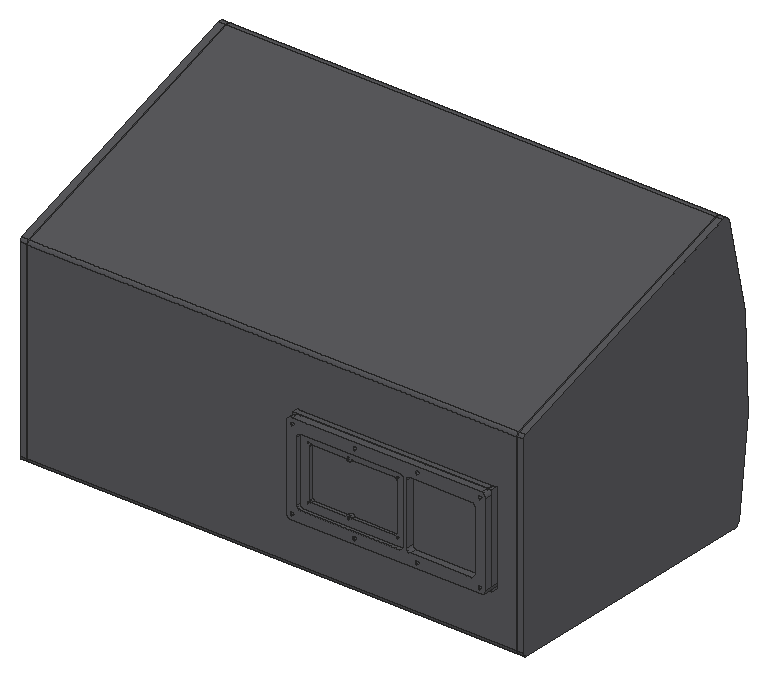
Revit family "EVU-1062", category Communication Devices, Revit 2017
Family settings
  Maintain Annotation Orientation = Yes
  Round Connector Dimension = Use Diameter
  Part Type = Normal
  OmniClass Number = 23.85.10.11.11.21
  OmniClass Title = Speakers
  Work Plane-Based = Yes
  Always vertical = Yes
  Cut with Voids When Loaded = No
  Shared = No
  Room Calculation Point = No
Parameters (values of type "EVU1062/95BLK_Single_6.5_Inch_Two_Way_Black")
  Version = "1"
  Uniclass2015Code = "Pr_60_75_08_02"
  URL = ""
  ProductInformation = "https://www.electrovoice.com/binary/EVU-1062-95.pdf"
  PlanningTools = "http://www.electrovoice.com/product.php?id=1123"
  ModelNumber = "F.01U.216.249"
  Model = ""
  MaterialRALColour = "RAL9004"
  ManufacturerURL = "https://www.electrovoice.com"
  Manufacturer = "Electro Voice"
  LoudspeakerMaterial = 13-plyWeather-resistantBirchEVCoat -RAL9004
  Default Elevation = 145.14 mm
  CTN = "EVU1062/95BLK"
  BackHeight = 145.14 mm  # constant formula
  FrontHeight = 208.40 mm  # constant formula
  InstallationManual = "https://www.electrovoice.com/binary/EVU-1062-95.pdf"
  IfcExportType = "IfcBuildingElementProxyType"
  IfcExportAs = "IfcBuildingElementProxy"
  Length = 369.72 mm  # constant formula
  GrillMaterial = 16GA Powder-coatedGalvanneal - B
  Disclaimer = "http://resource.boschsecurity.com/information/BIM/Disclaimer_Electrovoice.pdf"
  Description = "1.3\" (33mm) diaphgram, 1.4\" (36mm) exit pure titanium compression driver. 6.5\" (165mm) LF transducer. Advanced third-order crossover network with HF protection. Coverage pattern: 90° x 50° Constant Directivity rotatable waveguide. 92 dB sensitivity, 120 dB maximum SPL. System raiting: 160 W continuous, 640 W peak. Universal U-bracket included."
  Depth = 206.70 mm  # constant formula
  ArchitectsAndEngineersSpecs = "https://www.electrovoice.com/binary/EVU-1062-95.pdf"
Reference planes
  plane 1 "Center (Front/Back)": y = 0
  plane 2: z = 0
  plane 3 "Center (Left/Right)": x = 0
Forms (mm)
  Extrusion 1, solid, material "13-plyWeather-resistantBirchEVCoat -RAL9004" <- "LoudspeakerMaterial"
    sketch origin (179.86, -0.922, -0.524) x (0, 1, 0) y (0, 0, 1)
      loop
        arc (2.635, 73.479) -> (1.394, 72.553) -> (0.922, 71.078) r 2.54
        line (0.922, 71.078) -> (0.922, -70.03)
        arc (0.922, -70.03) -> (1.666, -71.826) -> (3.462, -72.57) r 2.54
        line (3.462, -72.57) -> (193.586, -72.57)
        arc (193.586, -72.57) -> (196.2, -71.654) -> (197.672, -69.307) r 4.19
        arc (197.672, -69.307) -> (206.725, 32.444) -> (188.418, 132.943) r 381
        arc (188.418, 132.943) -> (186.302, 135.396) -> (183.069, 135.608) r 4.19
        line (183.069, 135.608) -> (2.635, 73.479)
    from 0 to 5
  Extrusion 2, solid, material "13-plyWeather-resistantBirchEVCoat -RAL9004" <- "LoudspeakerMaterial"
    sketch origin (-179.86, 0, -0.524) x (0, 1, 0) y (0, 0, 1)
      loop
        line (190.935, -66.22) -> (6.35, -66.22) -> (6.35, 68.36) -> (182.131, 128.886) -> (187.496, 132.943)
        arc (187.496, 132.943) -> (185.38, 135.396) -> (182.147, 135.608) r 4.19
        line (182.147, 135.608) -> (1.713, 73.479)
        arc (1.713, 73.479) -> (0.472, 72.553) -> (0, 71.078) r 2.54
        line (0, 71.078) -> (0, -70.03)
        arc (0, -70.03) -> (0.744, -71.826) -> (2.54, -72.57) r 2.54
        line (2.54, -72.57) -> (192.664, -72.57)
        arc (192.664, -72.57) -> (195.278, -71.654) -> (196.75, -69.307) r 4.19
        line (196.75, -69.307) -> (190.935, -66.22)
    from 0 to 359.72
  Extrusion 3, solid, material "16GA Powder-coatedGalvanneal - B" <- "GrillMaterial"
    sketch origin (-179.58, 0, -0.524) x (0, 1, 0) y (0, 0, 1)
      loop
        arc (193.866, -67.776) -> (202.732, 32.222) -> (184.962, 131.027) r 378
        line (184.962, 131.027) -> (183.694, 130.068)
        arc (183.694, 130.068) -> (201.236, 32.097) -> (192.493, -67.047) r 376.5
        line (192.493, -67.047) -> (193.866, -67.776)
    from -0.28 to 359.44
  Extrusion 4, solid, material "13-plyWeather-resistantBirchEVCoat -RAL9004" <- "LoudspeakerMaterial"
    sketch origin (-179.86, 0, -0.524) x (0, -1, 0) y (0, 0, 1)
      loop
        line (0, -70.029) -> (0, 71.078)
        arc (0, 71.078) -> (-0.472, 72.553) -> (-1.713, 73.479) r 2.54
        line (-1.713, 73.479) -> (-182.147, 135.608)
        arc (-182.147, 135.608) -> (-185.382, 135.396) -> (-187.497, 132.94) r 4.19
        arc (-187.497, 132.94) -> (-205.699, 33.006) -> (-196.849, -68.185) r 381
        arc (-196.849, -68.185) -> (-195.694, -71.273) -> (-192.664, -72.569) r 4.19
        line (-192.664, -72.569) -> (-2.54, -72.569)
        arc (-2.54, -72.569) -> (-0.744, -71.825) -> (0, -70.029) r 2.54
    from 0 to 5
Lines and regions (mm)
  model lines, not visible
    curve 1: circle (-185, 35.169, -45.832) r 3 normal (1, 0, 0)
    curve 2: circle (-185, 35.169, -45.832) r 2.25 normal (1, 0, 0)
    curve 3: line (-185, 34.284, -43.764) -> (-185, 34.284, -47.901)
    curve 4: line (-185, 36.054, -43.764) -> (-185, 36.054, -47.901)
    curve 5: circle (-185, 35.169, 4.168) r 3 normal (1, 0, 0)
    curve 6: circle (-185, 35.169, 4.168) r 2.25 normal (1, 0, 0)
    curve 7: line (-185, 34.284, 6.236) -> (-185, 34.284, 2.099)
    curve 8: line (-185, 36.054, 6.236) -> (-185, 36.054, 2.099)
    curve 9: circle (-185, 35.169, 54.168) r 3 normal (1, 0, 0)
    curve 10: circle (-185, 35.169, 54.168) r 2.25 normal (1, 0, 0)
    curve 11: line (-185, 34.284, 56.236) -> (-185, 34.284, 52.099)
    curve 12: line (-185, 36.054, 56.236) -> (-185, 36.054, 52.099)
    curve 13: circle (-185, 155.169, -45.832) r 3 normal (1, 0, 0)
    curve 14: circle (-185, 155.169, -45.832) r 2.25 normal (1, 0, 0)
    curve 15: line (-185, 154.284, -43.764) -> (-185, 154.284, -47.901)
    curve 16: line (-185, 156.054, -43.764) -> (-185, 156.054, -47.901)
    curve 17: circle (-185, 155.169, 24.168) r 3 normal (1, 0, 0)
    curve 18: circle (-185, 155.169, 24.168) r 2.25 normal (1, 0, 0)
    curve 19: line (-185, 154.284, 26.236) -> (-185, 154.284, 22.099)
    curve 20: line (-185, 156.054, 26.236) -> (-185, 156.054, 22.099)
    curve 21: circle (-185, 155.169, 94.168) r 3 normal (1, 0, 0)
    curve 22: circle (-185, 155.169, 94.168) r 2.25 normal (1, 0, 0)
    curve 23: line (-185, 154.284, 96.236) -> (-185, 154.284, 92.099)
    curve 24: line (-185, 156.054, 96.236) -> (-185, 156.054, 92.099)
  reference lines
    curve 25: line (171.38, 206.7, 0) -> (171.63, 206.7, 0)
    curve 26: line (7.14, 205.803, 31.162) -> (7.14, 205.803, 31.662)
    curve 27: line (7.14, 183.398, 135.307) -> (7.14, 183.698, 135.307)
    curve 28: line (7.14, 0.658, 72.047) -> (7.14, 0.358, 72.047)
  model lines
    curve 29: circle (184.86, 35.169, -46.356) r 3 normal (1, 0, 0)
    curve 30: circle (184.86, 35.169, -46.356) r 2.25 normal (1, 0, 0)
    curve 31: line (184.86, 34.284, -44.288) -> (184.86, 34.284, -48.425)
    curve 32: line (184.86, 36.054, -44.288) -> (184.86, 36.054, -48.425)
    curve 33: circle (184.86, 35.169, 3.644) r 3 normal (1, 0, 0)
    curve 34: circle (184.86, 35.169, 3.644) r 2.25 normal (1, 0, 0)
    curve 35: line (184.86, 34.284, 5.712) -> (184.86, 34.284, 1.575)
    curve 36: line (184.86, 36.054, 5.712) -> (184.86, 36.054, 1.575)
    curve 37: circle (184.86, 35.169, 53.644) r 3 normal (1, 0, 0)
    curve 38: circle (184.86, 35.169, 53.644) r 2.25 normal (1, 0, 0)
    curve 39: line (184.86, 34.284, 55.712) -> (184.86, 34.284, 51.575)
    curve 40: line (184.86, 36.054, 55.712) -> (184.86, 36.054, 51.575)
    curve 41: circle (184.86, 155.169, -46.356) r 3 normal (1, 0, 0)
    curve 42: circle (184.86, 155.169, -46.356) r 2.25 normal (1, 0, 0)
    curve 43: line (184.86, 154.284, -44.288) -> (184.86, 154.284, -48.425)
    curve 44: line (184.86, 156.054, -44.288) -> (184.86, 156.054, -48.425)
    curve 45: circle (184.86, 155.169, 23.644) r 3 normal (1, 0, 0)
    curve 46: circle (184.86, 155.169, 23.644) r 2.25 normal (1, 0, 0)
    curve 47: line (184.86, 154.284, 25.712) -> (184.86, 154.284, 21.575)
    curve 48: line (184.86, 156.054, 25.712) -> (184.86, 156.054, 21.575)
    curve 49: circle (184.86, 155.169, 93.644) r 3 normal (1, 0, 0)
    curve 50: circle (184.86, 155.169, 93.644) r 2.25 normal (1, 0, 0)
    curve 51: line (184.86, 154.284, 95.712) -> (184.86, 154.284, 91.575)
    curve 52: line (184.86, 156.054, 95.712) -> (184.86, 156.054, 91.575)
    curve 53: circle (-184.86, 35.169, -46.356) r 3 normal (1, 0, 0)
    curve 54: circle (-184.86, 35.169, -46.356) r 2.25 normal (1, 0, 0)
    curve 55: line (-184.86, 34.284, -44.288) -> (-184.86, 34.284, -48.425)
    curve 56: line (-184.86, 36.054, -44.288) -> (-184.86, 36.054, -48.425)
    curve 57: circle (-184.86, 35.169, 3.644) r 3 normal (1, 0, 0)
    curve 58: circle (-184.86, 35.169, 3.644) r 2.25 normal (1, 0, 0)
    curve 59: line (-184.86, 34.284, 5.712) -> (-184.86, 34.284, 1.575)
    curve 60: line (-184.86, 36.054, 5.712) -> (-184.86, 36.054, 1.575)
    curve 61: circle (-184.86, 35.169, 53.644) r 3 normal (1, 0, 0)
    curve 62: circle (-184.86, 35.169, 53.644) r 2.25 normal (1, 0, 0)
    curve 63: line (-184.86, 34.284, 55.712) -> (-184.86, 34.284, 51.575)
    curve 64: line (-184.86, 36.054, 55.712) -> (-184.86, 36.054, 51.575)
    curve 65: circle (-184.86, 155.169, -46.356) r 3 normal (1, 0, 0)
    curve 66: circle (-184.86, 155.169, -46.356) r 2.25 normal (1, 0, 0)
    curve 67: line (-184.86, 154.284, -44.288) -> (-184.86, 154.284, -48.425)
    curve 68: line (-184.86, 156.054, -44.288) -> (-184.86, 156.054, -48.425)
    curve 69: circle (-184.86, 155.169, 23.644) r 3 normal (1, 0, 0)
    curve 70: circle (-184.86, 155.169, 23.644) r 2.25 normal (1, 0, 0)
    curve 71: line (-184.86, 154.284, 25.712) -> (-184.86, 154.284, 21.575)
    curve 72: line (-184.86, 156.054, 25.712) -> (-184.86, 156.054, 21.575)
    curve 73: circle (-184.86, 155.169, 93.644) r 3 normal (1, 0, 0)
    curve 74: circle (-184.86, 155.169, 93.644) r 2.25 normal (1, 0, 0)
    curve 75: line (-184.86, 154.284, 95.712) -> (-184.86, 154.284, 91.575)
    curve 76: line (-184.86, 156.054, 95.712) -> (-184.86, 156.054, 91.575)
Dimensions and locks
  "Depth": plane 1 "Center (Front/Back)" to curve 25
  "Length": Extrusion 4 to Extrusion 1
  "BackHeight": Extrusion 4 to curve 28
  "FrontHeight": Extrusion 4 to curve 27
  aligned and locked: plane 2 to level
Automatic sketch dimensions
  plane 3 "Center (Left/Right)" to curve 25 = 171.38 mm
  curve 25 to curve 25 = 0.25 mm
  Extrusion 1 sketch curve to plane 1 "Center (Front/Back)" = 0.00 mm
  level to Extrusion 1 sketch curve = 14.505 mm
  plane 1 "Center (Front/Back)" to Extrusion 1 sketch curve = 174.799 mm
  Extrusion 1 sketch curve to plane 1 "Center (Front/Back)" = 1.713 mm
  Extrusion 1 sketch curve to plane 1 "Center (Front/Back)" = 2.54 mm
  Extrusion 1 sketch curve to Extrusion 1 sketch curve = 2.54 mm
  Extrusion 1 sketch curve to plane 1 "Center (Front/Back)" = 182.147 mm
  Extrusion 1 sketch curve to Extrusion 1 sketch curve = 1.364 mm
  Extrusion 1 sketch curve to level = 73.094 mm
  Extrusion 1 sketch curve to Extrusion 1 sketch curve = 190.124 mm
  Extrusion 1 sketch curve to Extrusion 1 sketch curve = 4.19 mm
  level to Extrusion 1 sketch curve = 70.554 mm
  level to Extrusion 1 sketch curve = 131.122 mm
  Extrusion 1 sketch curve to Extrusion 1 sketch curve = 3.962 mm
  Extrusion 1 sketch curve to Extrusion 1 sketch curve = 0.00 mm
  Extrusion 2 sketch curve to plane 1 "Center (Front/Back)" = 0.00 mm
  Extrusion 2 sketch curve to plane 1 "Center (Front/Back)" = 1.713 mm
  Extrusion 2 sketch curve to plane 1 "Center (Front/Back)" = 2.54 mm
  Extrusion 2 sketch curve to Extrusion 2 sketch curve = 0.827 mm
  Extrusion 2 sketch curve to Extrusion 2 sketch curve = 3.81 mm  (x2)
  Extrusion 2 sketch curve to plane 1 "Center (Front/Back)" = 182.131 mm
  Extrusion 2 sketch curve to Extrusion 2 sketch curve = 0.016 mm
  Extrusion 2 sketch curve to Extrusion 2 sketch curve = 1.38 mm
  Extrusion 2 sketch curve to Extrusion 2 sketch curve = 3.984 mm
  Extrusion 2 sketch curve to level = 66.744 mm
  Extrusion 2 sketch curve to Extrusion 2 sketch curve = 184.585 mm
  Extrusion 2 sketch curve to Extrusion 2 sketch curve = 1.729 mm
  Extrusion 2 sketch curve to level = 69.831 mm
  Extrusion 2 sketch curve to Extrusion 2 sketch curve = 4.086 mm
  level to Extrusion 2 sketch curve = 67.836 mm
  Extrusion 2 sketch curve to Extrusion 2 sketch curve = 2.718 mm
  level to Extrusion 2 sketch curve = 128.363 mm
  Extrusion 2 sketch curve to Extrusion 2 sketch curve = 2.76 mm
  Extrusion 2 sketch curve to Extrusion 2 sketch curve = 1.297 mm
  Extrusion 3 sketch curve to Extrusion 3 sketch curve = 0.00 mm  (x2)
  level to Extrusion 3 sketch curve = 14.785 mm
  plane 1 "Center (Front/Back)" to Extrusion 3 sketch curve = 174.89 mm
  Extrusion 3 sketch curve to plane 1 "Center (Front/Back)" = 183.694 mm
  Extrusion 3 sketch curve to Extrusion 3 sketch curve = 1.268 mm
  Extrusion 3 sketch curve to level = 67.571 mm
  Extrusion 3 sketch curve to plane 1 "Center (Front/Back)" = 192.493 mm
  Extrusion 3 sketch curve to level = 68.30 mm
  Extrusion 3 sketch curve to Extrusion 3 sketch curve = 1.374 mm
  Extrusion 4 sketch curve to plane 1 "Center (Front/Back)" = 0.00 mm
  Extrusion 4 sketch curve to plane 1 "Center (Front/Back)" = 1.713 mm
  Extrusion 4 sketch curve to Extrusion 4 sketch curve = 2.54 mm
  Extrusion 4 sketch curve to plane 1 "Center (Front/Back)" = 2.54 mm
  Extrusion 4 sketch curve to plane 1 "Center (Front/Back)" = 182.147 mm
  Extrusion 4 sketch curve to Extrusion 4 sketch curve = 1.364 mm
  Extrusion 4 sketch curve to level = 68.903 mm
  Extrusion 4 sketch curve to Extrusion 4 sketch curve = 190.124 mm
  level to Extrusion 4 sketch curve = 14.785 mm
  plane 1 "Center (Front/Back)" to Extrusion 4 sketch curve = 174.89 mm
  Extrusion 4 sketch curve to level = 70.553 mm
  level to Extrusion 4 sketch curve = 70.554 mm
  level to Extrusion 4 sketch curve = 131.122 mm
  Extrusion 4 sketch curve to Extrusion 4 sketch curve = 3.962 mm
  Extrusion 4 sketch curve to Extrusion 4 sketch curve = 0.00 mm
  curve 28 to plane 1 "Center (Front/Back)" = 0.358 mm
  level to curve 26 = 31.162 mm
  curve 28 to curve 28 = 0.30 mm
  curve 27 to plane 1 "Center (Front/Back)" = 183.398 mm
  curve 27 to curve 27 = 0.30 mm
  level to curve 26 = 31.662 mm
  curve 27 to curve 26 = 22.105 mm
  level to curve 28 = 72.047 mm
  curve 26 to curve 27 = 103.645 mm
Nested families
  nested 1: "InputPanel_small" at (91.86, 0, -35), LoudspeakerMaterial <- "LoudspeakerMaterial", type "InputPanel_small"
    with LoudspeakerMaterial 13-plyWeather-resistantBirchEVCoat -RAL9004
  nested 2: "EV-L.dwg" at (144.292, 203.478, 25.339), type "EV-L.dwg"
Connectors
  electrical at (64.644, -5, -1.409)
    settings: on nested 1, index 1, voltage 0 V, apparent load 0 VA, apparent load phase1 0 VA, apparent load phase2 0 VA, apparent load phase3 0 VA, power factor 1, load classification "Other", number of poles 1, system type 31, power factor state 1, is connector primary yes, connector utility no, sub classification motor no, connector description ""
Definition of nested family "InputPanel_small"
  Parameters (values of type "InputPanel_small")
    Material = ""
    LoudspeakerMaterial [instance] = none
    Default Elevation = 1219.20 mm
  Reference planes
    plane 1 "Center (Front/Back)": y = 0
    plane 2: z = 0
    plane 3 "Center (Left/Right)": x = 0
  Forms (mm)
    Extrusion 1, solid, material <- "LoudspeakerMaterial", not visible
      sketch origin (-97.521, -0.5, 198.121) x (-1, 0, 0) y (0, 0, -1)
        loop
          arc (-169.642, 198.043) -> (-170.257, 197.789) -> (-170.511, 197.174) r 0.869
          line (-170.511, 197.174) -> (-170.511, 131.84)
          arc (-170.511, 131.84) -> (-170.257, 131.226) -> (-169.642, 130.971) r 0.869
          line (-169.642, 130.971) -> (-25.396, 130.971)
          arc (-25.396, 130.971) -> (-24.782, 131.226) -> (-24.527, 131.84) r 0.869
          line (-24.527, 131.84) -> (-24.527, 197.174)
          arc (-24.527, 197.174) -> (-24.782, 197.789) -> (-25.396, 198.043) r 0.869
          line (-25.396, 198.043) -> (-169.642, 198.043)
      from 0 to -0.5
    Extrusion 2, solid, material <- "LoudspeakerMaterial", detail levels medium+fine
      sketch origin (1.214, 0, 125.108) x (-1, 0, 0) y (0, 0, -1)
        loop
          line (70.917, 125.031) -> (-68.488, 125.031)
          arc (-68.488, 125.031) -> (-70.813, 124.068) -> (-71.776, 121.743) r 3.288
          line (-71.776, 121.743) -> (-71.776, 61.229)
          arc (-71.776, 61.229) -> (-70.921, 59.026) -> (-68.815, 57.959) r 3.288
          line (-68.815, 57.959) -> (70.925, 57.959)
          arc (70.925, 57.959) -> (73.25, 58.922) -> (74.212, 61.247) r 3.288
          line (74.212, 61.247) -> (74.205, 121.743)
          arc (74.205, 121.743) -> (73.242, 124.068) -> (70.917, 125.031) r 3.288
        loop
          line (-16.102, 116.673) -> (-61.46, 116.673)
          arc (-61.46, 116.673) -> (-63.304, 115.909) -> (-64.067, 114.066) r 2.607
          line (-64.067, 114.066) -> (-64.067, 69.267)
          arc (-64.067, 69.267) -> (-63.304, 67.424) -> (-61.46, 66.66) r 2.607
          line (-61.46, 66.66) -> (-16.102, 66.658)
          arc (-16.102, 66.658) -> (-14.259, 67.424) -> (-13.495, 69.267) r 2.607
          line (-13.495, 69.267) -> (-13.495, 114.066)
          arc (-13.495, 114.066) -> (-14.259, 115.909) -> (-16.102, 116.673) r 2.607
        loop
          line (64.151, 116.673) -> (-8.801, 116.673)
          arc (-8.801, 116.673) -> (-10.645, 115.909) -> (-11.408, 114.066) r 2.607
          line (-11.408, 114.066) -> (-11.408, 69.267)
          arc (-11.408, 69.267) -> (-10.645, 67.424) -> (-8.801, 66.66) r 2.607
          line (-8.801, 66.66) -> (64.151, 66.658)
          arc (64.151, 66.658) -> (65.994, 67.424) -> (66.758, 69.267) r 2.607
          line (66.758, 69.267) -> (66.758, 114.066)
          arc (66.758, 114.066) -> (65.994, 115.909) -> (64.151, 116.673) r 2.607
        loop
          circle (-67.83, 121.068) r 1.368
        loop
          circle (-21.853, 121.068) r 1.368
        loop
          circle (24.255, 121.068) r 1.368
        loop
          circle (69.993, 121.068) r 1.368
        loop
          circle (-67.961, 61.771) r 1.368
        loop
          circle (-21.984, 61.771) r 1.368
        loop
          circle (24.124, 61.771) r 1.368
        loop
          circle (69.862, 61.771) r 1.368
      from 0 to 10
    Extrusion 3, solid, material <- "LoudspeakerMaterial", detail levels fine
      sketch origin (25.655, 0, 118.331) x (-1, 0, 0) y (0, 0, -1)
        loop
          arc (15.45, 109.952) -> (13.605, 109.187) -> (12.84, 107.342) r 2.61
          line (12.84, 107.342) -> (12.84, 62.493)
          arc (12.84, 62.493) -> (13.606, 60.646) -> (15.45, 59.881) r 2.61
          line (15.45, 59.881) -> (88.485, 59.883)
          arc (88.485, 59.883) -> (90.33, 60.647) -> (91.094, 62.493) r 2.61
          line (91.094, 62.493) -> (91.094, 107.342)
          arc (91.094, 107.342) -> (90.33, 109.187) -> (88.485, 109.952) r 2.61
          line (88.485, 109.952) -> (15.45, 109.952)
        loop
          line (53.049, 104.094) -> (20.673, 104.09)
          arc (20.673, 104.09) -> (20.25, 103.216) -> (19.475, 102.633) r 2.061
          line (19.475, 102.633) -> (19.479, 66.839)
          arc (19.479, 66.839) -> (20.255, 66.255) -> (20.677, 65.382) r 2.061
          line (20.677, 65.382) -> (53.053, 65.386)
          arc (53.053, 65.386) -> (55.067, 67.012) -> (57.082, 65.386) r 2.061
          line (57.082, 65.386) -> (82.875, 65.389)
          arc (82.875, 65.389) -> (83.297, 66.263) -> (84.073, 66.847) r 2.061
          line (84.073, 66.847) -> (84.068, 102.641)
          arc (84.068, 102.641) -> (83.293, 103.224) -> (82.87, 104.098) r 2.061
          line (82.87, 104.098) -> (57.077, 104.095)
          arc (57.077, 104.095) -> (55.063, 102.469) -> (53.049, 104.094) r 2.061
        loop
          circle (55.063, 104.529) r 0.832
        loop
          circle (55.063, 64.893) r 0.832
        loop
          circle (84.767, 104.529) r 0.832
        loop
          circle (84.767, 64.893) r 0.832
        loop
          circle (18.835, 104.529) r 0.832
        loop
          circle (18.835, 64.893) r 0.832
      from 7.5 to 5
    Extrusion 4, solid, material <- "LoudspeakerMaterial"
      sketch origin (1.214, 0, 125.108) x (-1, 0, 0) y (0, 0, -1)
        loop
          line (-71.776, 125.031) -> (-71.776, 57.959) -> (74.213, 57.959) -> (74.205, 125.031) -> (-71.776, 125.031)
      from 0 to 4.337
  Lines and regions (mm)
    model lines, not visible
      curve 1: arc (59.415, -9.5, 70.232) -> (59.756, -9.5, 68.636) -> (60.858, -9.5, 67.432) r 3.109
      curve 2: arc (59.414, -9.5, 82.845) -> (59.754, -9.5, 81.249) -> (60.857, -9.5, 80.045) r 3.109
      curve 3: arc (59.417, -9.5, 63.926) -> (59.752, -9.5, 62.34) -> (60.84, -9.5, 61.139) r 3.108
      curve 4: arc (59.415, -9.5, 76.539) -> (59.75, -9.5, 74.953) -> (60.838, -9.5, 73.752) r 3.108
      curve 5: arc (60.711, -9.5, 72.945) -> (59.72, -9.5, 71.753) -> (59.414, -9.5, 70.232) r 3.166
      curve 6: arc (60.71, -9.5, 85.557) -> (59.718, -9.5, 84.365) -> (59.412, -9.5, 82.845) r 3.166
      curve 7: arc (60.712, -9.5, 66.637) -> (59.721, -9.5, 65.445) -> (59.415, -9.5, 63.926) r 3.165
      curve 8: arc (60.71, -9.5, 79.25) -> (59.72, -9.5, 78.058) -> (59.414, -9.5, 76.539) r 3.165
      curve 9: arc (59.062, -9.5, 76.539) -> (58.721, -9.5, 78.135) -> (57.618, -9.5, 79.339) r 3.109
      curve 10: arc (59.063, -9.5, 63.926) -> (58.723, -9.5, 65.522) -> (57.62, -9.5, 66.726) r 3.109
      curve 11: arc (59.06, -9.5, 82.845) -> (58.725, -9.5, 84.431) -> (57.637, -9.5, 85.632) r 3.108
      curve 12: arc (59.062, -9.5, 70.232) -> (58.726, -9.5, 71.818) -> (57.638, -9.5, 73.019) r 3.108
      curve 13: arc (57.765, -9.5, 73.826) -> (58.757, -9.5, 75.018) -> (59.063, -9.5, 76.539) r 3.166
      curve 14: arc (57.767, -9.5, 61.214) -> (58.758, -9.5, 62.406) -> (59.065, -9.5, 63.926) r 3.166
      curve 15: arc (57.765, -9.5, 80.134) -> (58.756, -9.5, 81.326) -> (59.062, -9.5, 82.845) r 3.165
      curve 16: arc (57.767, -9.5, 67.521) -> (58.757, -9.5, 68.713) -> (59.063, -9.5, 70.232) r 3.165
      curve 17: arc (62.678, -9.5, 67.687) -> (63.752, -9.5, 68.757) -> (64.103, -9.5, 70.233) r 2.775
      curve 18: arc (63.369, -9.5, 67.367) -> (64.444, -9.5, 68.62) -> (64.794, -9.5, 70.233) r 3.371
      curve 19: arc (62.678, -9.5, 67.687) -> (62.999, -9.5, 67.474) -> (63.369, -9.5, 67.367) r 1.273
      curve 20: arc (62.676, -9.5, 80.299) -> (63.75, -9.5, 81.37) -> (64.101, -9.5, 82.846) r 2.775
      curve 21: arc (63.368, -9.5, 79.98) -> (64.442, -9.5, 81.233) -> (64.793, -9.5, 82.846) r 3.371
      curve 22: arc (62.676, -9.5, 80.299) -> (62.998, -9.5, 80.087) -> (63.368, -9.5, 79.98) r 1.273
      curve 23: arc (62.679, -9.5, 61.381) -> (63.752, -9.5, 62.452) -> (64.103, -9.5, 63.927) r 2.774
      curve 24: arc (63.37, -9.5, 61.062) -> (64.444, -9.5, 62.315) -> (64.794, -9.5, 63.927) r 3.37
      curve 25: arc (62.679, -9.5, 61.381) -> (63, -9.5, 61.169) -> (63.37, -9.5, 61.062) r 1.273
      curve 26: arc (62.677, -9.5, 73.994) -> (63.751, -9.5, 75.064) -> (64.101, -9.5, 76.539) r 2.774
      curve 27: arc (63.369, -9.5, 73.675) -> (64.442, -9.5, 74.927) -> (64.793, -9.5, 76.539) r 3.37
      curve 28: arc (62.677, -9.5, 73.994) -> (62.998, -9.5, 73.781) -> (63.369, -9.5, 73.675) r 1.273
      curve 29: arc (64.103, -9.5, 70.233) -> (63.752, -9.5, 71.708) -> (62.677, -9.5, 72.779) r 2.775
      curve 30: arc (63.369, -9.5, 73.098) -> (62.999, -9.5, 72.992) -> (62.677, -9.5, 72.779) r 1.273
      curve 31: arc (64.794, -9.5, 70.233) -> (64.443, -9.5, 71.846) -> (63.369, -9.5, 73.098) r 3.371
      curve 32: arc (64.101, -9.5, 82.846) -> (63.75, -9.5, 84.321) -> (62.676, -9.5, 85.392) r 2.775
      curve 33: arc (63.367, -9.5, 85.711) -> (62.997, -9.5, 85.604) -> (62.676, -9.5, 85.392) r 1.273
      curve 34: arc (64.793, -9.5, 82.846) -> (64.442, -9.5, 84.458) -> (63.367, -9.5, 85.711) r 3.371
      curve 35: arc (64.103, -9.5, 63.927) -> (63.752, -9.5, 65.401) -> (62.678, -9.5, 66.472) r 2.774
      curve 36: arc (63.37, -9.5, 66.791) -> (62.999, -9.5, 66.684) -> (62.678, -9.5, 66.472) r 1.273
      curve 37: arc (64.794, -9.5, 63.927) -> (64.444, -9.5, 65.539) -> (63.37, -9.5, 66.791) r 3.37
      curve 38: arc (64.101, -9.5, 76.539) -> (63.75, -9.5, 78.014) -> (62.676, -9.5, 79.084) r 2.774
      curve 39: arc (63.368, -9.5, 79.404) -> (62.998, -9.5, 79.297) -> (62.676, -9.5, 79.084) r 1.273
      curve 40: arc (64.793, -9.5, 76.539) -> (64.442, -9.5, 78.151) -> (63.368, -9.5, 79.404) r 3.37
      curve 41: arc (59.627, -9.5, 63.926) -> (59.978, -9.5, 62.451) -> (61.052, -9.5, 61.381) r 2.774
      curve 42: arc (61.051, -9.5, 66.471) -> (59.977, -9.5, 65.401) -> (59.627, -9.5, 63.926) r 2.774
      curve 43: arc (59.625, -9.5, 70.232) -> (59.976, -9.5, 68.757) -> (61.051, -9.5, 67.686) r 2.775
      curve 44: arc (61.05, -9.5, 72.779) -> (59.976, -9.5, 71.708) -> (59.625, -9.5, 70.232) r 2.775
      curve 45: arc (59.625, -9.5, 76.539) -> (59.976, -9.5, 75.064) -> (61.05, -9.5, 73.994) r 2.774
      curve 46: arc (61.049, -9.5, 79.084) -> (59.976, -9.5, 78.014) -> (59.625, -9.5, 76.539) r 2.774
      curve 47: arc (59.624, -9.5, 82.845) -> (59.975, -9.5, 81.37) -> (61.049, -9.5, 80.299) r 2.775
      curve 48: arc (61.049, -9.5, 85.391) -> (59.975, -9.5, 84.321) -> (59.624, -9.5, 82.845) r 2.775
      curve 49: arc (65.487, -9.5, 67.368) -> (66.537, -9.5, 68.57) -> (66.91, -9.5, 70.123) r 3.348
      curve 50: arc (65.485, -9.5, 79.98) -> (66.535, -9.5, 81.183) -> (66.909, -9.5, 82.735) r 3.348
      curve 51: arc (66.91, -9.5, 70.344) -> (66.536, -9.5, 71.896) -> (65.486, -9.5, 73.099) r 3.348
      curve 52: arc (66.909, -9.5, 82.956) -> (66.535, -9.5, 84.509) -> (65.485, -9.5, 85.711) r 3.348
      curve 53: arc (65.488, -9.5, 61.062) -> (66.543, -9.5, 62.278) -> (66.911, -9.5, 63.846) r 3.353
      curve 54: arc (65.486, -9.5, 73.675) -> (66.542, -9.5, 74.891) -> (66.909, -9.5, 76.458) r 3.353
      curve 55: arc (66.911, -9.5, 64.008) -> (66.543, -9.5, 65.576) -> (65.487, -9.5, 66.791) r 3.353
      curve 56: arc (66.909, -9.5, 76.621) -> (66.542, -9.5, 78.189) -> (65.485, -9.5, 79.404) r 3.353
      curve 57: arc (61.368, -9.5, 70.233) -> (61.701, -9.5, 68.86) -> (62.728, -9.5, 67.892) r 2.482
      curve 58: arc (61.369, -9.5, 63.926) -> (61.702, -9.5, 62.554) -> (62.729, -9.5, 61.585) r 2.482
      curve 59: arc (61.777, -9.5, 65.419) -> (61.47, -9.5, 64.701) -> (61.369, -9.5, 63.926) r 2.857
      curve 60: arc (62.453, -9.5, 65.577) -> (62.398, -9.5, 65.499) -> (62.347, -9.5, 65.419) r 2.446
      curve 61: arc (61.777, -9.5, 71.725) -> (61.469, -9.5, 71.007) -> (61.368, -9.5, 70.233) r 2.857
      curve 62: arc (62.452, -9.5, 71.883) -> (62.398, -9.5, 71.805) -> (62.346, -9.5, 71.725) r 2.446
      curve 63: arc (61.367, -9.5, 76.539) -> (61.7, -9.5, 75.167) -> (62.727, -9.5, 74.198) r 2.482
      curve 64: arc (61.367, -9.5, 82.845) -> (61.699, -9.5, 81.473) -> (62.727, -9.5, 80.504) r 2.482
      curve 65: arc (61.776, -9.5, 78.031) -> (61.469, -9.5, 77.313) -> (61.367, -9.5, 76.539) r 2.857
      curve 66: arc (62.452, -9.5, 78.19) -> (62.397, -9.5, 78.112) -> (62.345, -9.5, 78.032) r 2.446
      curve 67: arc (61.775, -9.5, 84.338) -> (61.468, -9.5, 83.62) -> (61.367, -9.5, 82.845) r 2.857
      curve 68: arc (62.451, -9.5, 84.496) -> (62.396, -9.5, 84.418) -> (62.345, -9.5, 84.338) r 2.446
      curve 69: arc (55.799, -9.5, 79.084) -> (54.725, -9.5, 78.014) -> (54.374, -9.5, 76.538) r 2.775
      curve 70: arc (55.107, -9.5, 79.404) -> (54.033, -9.5, 78.151) -> (53.682, -9.5, 76.538) r 3.371
      curve 71: arc (55.799, -9.5, 79.084) -> (55.478, -9.5, 79.297) -> (55.107, -9.5, 79.404) r 1.273
      curve 72: arc (55.8, -9.5, 66.472) -> (54.726, -9.5, 65.401) -> (54.376, -9.5, 63.925) r 2.775
      curve 73: arc (55.109, -9.5, 66.791) -> (54.035, -9.5, 65.538) -> (53.684, -9.5, 63.925) r 3.371
      curve 74: arc (55.8, -9.5, 66.472) -> (55.479, -9.5, 66.684) -> (55.109, -9.5, 66.791) r 1.273
      curve 75: arc (55.798, -9.5, 85.39) -> (54.725, -9.5, 84.319) -> (54.374, -9.5, 82.844) r 2.774
      curve 76: arc (55.107, -9.5, 85.709) -> (54.033, -9.5, 84.456) -> (53.682, -9.5, 82.844) r 3.37
      curve 77: arc (55.798, -9.5, 85.39) -> (55.477, -9.5, 85.602) -> (55.107, -9.5, 85.709) r 1.273
      curve 78: arc (55.8, -9.5, 72.777) -> (54.726, -9.5, 71.707) -> (54.376, -9.5, 70.232) r 2.774
      curve 79: arc (55.108, -9.5, 73.096) -> (54.034, -9.5, 71.844) -> (53.684, -9.5, 70.232) r 3.37
      curve 80: arc (55.8, -9.5, 72.777) -> (55.478, -9.5, 72.99) -> (55.108, -9.5, 73.096) r 1.273
      curve 81: arc (54.374, -9.5, 76.538) -> (54.725, -9.5, 75.063) -> (55.8, -9.5, 73.992) r 2.775
      curve 82: arc (55.108, -9.5, 73.673) -> (55.478, -9.5, 73.779) -> (55.8, -9.5, 73.992) r 1.273
      curve 83: arc (53.682, -9.5, 76.538) -> (54.033, -9.5, 74.925) -> (55.108, -9.5, 73.673) r 3.371
      curve 84: arc (54.376, -9.5, 63.925) -> (54.727, -9.5, 62.45) -> (55.801, -9.5, 61.379) r 2.775
      curve 85: arc (55.11, -9.5, 61.06) -> (55.48, -9.5, 61.167) -> (55.801, -9.5, 61.379) r 1.273
      curve 86: arc (53.684, -9.5, 63.925) -> (54.035, -9.5, 62.313) -> (55.11, -9.5, 61.06) r 3.371
      curve 87: arc (54.374, -9.5, 82.844) -> (54.725, -9.5, 81.369) -> (55.799, -9.5, 80.299) r 2.774
      curve 88: arc (55.107, -9.5, 79.98) -> (55.477, -9.5, 80.087) -> (55.799, -9.5, 80.299) r 1.273
      curve 89: arc (53.682, -9.5, 82.844) -> (54.033, -9.5, 81.232) -> (55.107, -9.5, 79.98) r 3.37
      curve 90: arc (54.376, -9.5, 70.232) -> (54.726, -9.5, 68.757) -> (55.8, -9.5, 67.687) r 2.774
      curve 91: arc (55.109, -9.5, 67.367) -> (55.479, -9.5, 67.474) -> (55.8, -9.5, 67.687) r 1.273
      curve 92: arc (53.684, -9.5, 70.232) -> (54.035, -9.5, 68.62) -> (55.109, -9.5, 67.367) r 3.37
      curve 93: arc (58.85, -9.5, 82.845) -> (58.499, -9.5, 84.32) -> (57.425, -9.5, 85.39) r 2.774
      curve 94: arc (57.426, -9.5, 80.3) -> (58.499, -9.5, 81.37) -> (58.85, -9.5, 82.845) r 2.774
      curve 95: arc (58.851, -9.5, 76.539) -> (58.5, -9.5, 78.014) -> (57.426, -9.5, 79.085) r 2.775
      curve 96: arc (57.427, -9.5, 73.992) -> (58.501, -9.5, 75.063) -> (58.851, -9.5, 76.539) r 2.775
      curve 97: arc (58.852, -9.5, 70.232) -> (58.501, -9.5, 71.707) -> (57.427, -9.5, 72.777) r 2.774
      curve 98: arc (57.427, -9.5, 67.687) -> (58.501, -9.5, 68.757) -> (58.852, -9.5, 70.232) r 2.774
      curve 99: arc (58.853, -9.5, 63.926) -> (58.502, -9.5, 65.401) -> (57.428, -9.5, 66.472) r 2.775
      curve 100: arc (57.428, -9.5, 61.38) -> (58.502, -9.5, 62.45) -> (58.853, -9.5, 63.926) r 2.775
      curve 101: arc (52.99, -9.5, 79.403) -> (51.94, -9.5, 78.2) -> (51.567, -9.5, 76.648) r 3.348
      curve 102: arc (52.991, -9.5, 66.791) -> (51.942, -9.5, 65.588) -> (51.568, -9.5, 64.036) r 3.348
      curve 103: arc (51.567, -9.5, 76.427) -> (51.94, -9.5, 74.875) -> (52.991, -9.5, 73.672) r 3.348
      curve 104: arc (51.568, -9.5, 63.815) -> (51.942, -9.5, 62.262) -> (52.992, -9.5, 61.06) r 3.348
      curve 105: arc (52.989, -9.5, 85.709) -> (51.933, -9.5, 84.493) -> (51.566, -9.5, 82.925) r 3.353
      curve 106: arc (52.991, -9.5, 73.096) -> (51.935, -9.5, 71.88) -> (51.567, -9.5, 70.313) r 3.353
      curve 107: arc (51.566, -9.5, 82.763) -> (51.934, -9.5, 81.195) -> (52.99, -9.5, 79.98) r 3.353
      curve 108: arc (51.567, -9.5, 70.15) -> (51.935, -9.5, 68.582) -> (52.991, -9.5, 67.367) r 3.353
      curve 109: arc (57.108, -9.5, 82.845) -> (56.775, -9.5, 84.217) -> (55.748, -9.5, 85.186) r 2.482
      curve 110: arc (57.109, -9.5, 76.538) -> (56.776, -9.5, 77.911) -> (55.749, -9.5, 78.879) r 2.482
      curve 111: arc (56.7, -9.5, 75.046) -> (57.007, -9.5, 75.764) -> (57.109, -9.5, 76.538) r 2.857
      curve 112: arc (56.024, -9.5, 74.888) -> (56.079, -9.5, 74.966) -> (56.131, -9.5, 75.046) r 2.446
      curve 113: arc (56.699, -9.5, 81.352) -> (57.007, -9.5, 82.07) -> (57.108, -9.5, 82.845) r 2.857
      curve 114: arc (56.024, -9.5, 81.194) -> (56.078, -9.5, 81.272) -> (56.13, -9.5, 81.352) r 2.446
      curve 115: arc (57.109, -9.5, 70.232) -> (56.777, -9.5, 71.604) -> (55.749, -9.5, 72.573) r 2.482
      curve 116: arc (57.11, -9.5, 63.926) -> (56.777, -9.5, 65.298) -> (55.75, -9.5, 66.267) r 2.482
      curve 117: arc (56.702, -9.5, 62.433) -> (57.009, -9.5, 63.151) -> (57.11, -9.5, 63.926) r 2.857
      curve 118: arc (56.026, -9.5, 62.275) -> (56.081, -9.5, 62.353) -> (56.132, -9.5, 62.433) r 2.446
      curve 119: arc (56.701, -9.5, 68.739) -> (57.008, -9.5, 69.458) -> (57.109, -9.5, 70.232) r 2.857
      curve 120: arc (56.025, -9.5, 68.581) -> (56.08, -9.5, 68.659) -> (56.131, -9.5, 68.739) r 2.446
      curve 121: spline (77.962, -9.5, 59.963) -> (78.093, -9.5, 59.972) -> (78.223, -9.5, 59.998) -> (78.348, -9.5, 60.04) -> (78.466, -9.5, 60.099) -> (78.576, -9.5, 60.172) -> (78.675, -9.5, 60.259) -> (78.762, -9.5, 60.358) -> (78.835, -9.5, 60.468) -> (78.894, -9.5, 60.586) -> (78.936, -9.5, 60.711) -> (78.962, -9.5, 60.841) -> (78.97, -9.5, 60.972)
      curve 122: spline (78.967, -9.5, 85.803) -> (78.959, -9.5, 85.935) -> (78.933, -9.5, 86.065) -> (78.891, -9.5, 86.19) -> (78.832, -9.5, 86.308) -> (78.759, -9.5, 86.418) -> (78.672, -9.5, 86.517) -> (78.573, -9.5, 86.604) -> (78.463, -9.5, 86.677) -> (78.344, -9.5, 86.735) -> (78.22, -9.5, 86.778) -> (78.09, -9.5, 86.804) -> (77.958, -9.5, 86.812)
      curve 123: spline (40.515, -9.5, 86.808) -> (40.383, -9.5, 86.799) -> (40.254, -9.5, 86.773) -> (40.129, -9.5, 86.731) -> (40.01, -9.5, 86.672) -> (39.901, -9.5, 86.599) -> (39.801, -9.5, 86.512) -> (39.714, -9.5, 86.413) -> (39.641, -9.5, 86.303) -> (39.583, -9.5, 86.185) -> (39.54, -9.5, 86.06) -> (39.515, -9.5, 85.93) -> (39.506, -9.5, 85.799)
      curve 124: spline (39.509, -9.5, 60.97) -> (39.517, -9.5, 60.838) -> (39.543, -9.5, 60.708) -> (39.585, -9.5, 60.583) -> (39.643, -9.5, 60.464) -> (39.717, -9.5, 60.354) -> (39.804, -9.5, 60.255) -> (39.903, -9.5, 60.168) -> (40.013, -9.5, 60.094) -> (40.131, -9.5, 60.036) -> (40.256, -9.5, 59.993) -> (40.386, -9.5, 59.967) -> (40.518, -9.5, 59.959)
      curve 125: spline (40.57, -9.5, 86.753) -> (40.438, -9.5, 86.744) -> (40.309, -9.5, 86.718) -> (40.184, -9.5, 86.676) -> (40.065, -9.5, 86.617) -> (39.956, -9.5, 86.544) -> (39.856, -9.5, 86.457) -> (39.769, -9.5, 86.358) -> (39.696, -9.5, 86.248) -> (39.638, -9.5, 86.13) -> (39.595, -9.5, 86.005) -> (39.57, -9.5, 85.875) -> (39.561, -9.5, 85.744)
      curve 126: spline (39.564, -9.5, 61.023) -> (39.573, -9.5, 60.891) -> (39.598, -9.5, 60.761) -> (39.641, -9.5, 60.636) -> (39.699, -9.5, 60.518) -> (39.773, -9.5, 60.408) -> (39.86, -9.5, 60.309) -> (39.959, -9.5, 60.222) -> (40.069, -9.5, 60.149) -> (40.187, -9.5, 60.091) -> (40.312, -9.5, 60.048) -> (40.441, -9.5, 60.022) -> (40.573, -9.5, 60.014)
      curve 127: spline (78.912, -9.5, 85.748) -> (78.904, -9.5, 85.88) -> (78.878, -9.5, 86.01) -> (78.835, -9.5, 86.134) -> (78.777, -9.5, 86.253) -> (78.704, -9.5, 86.363) -> (78.617, -9.5, 86.462) -> (78.518, -9.5, 86.549) -> (78.408, -9.5, 86.622) -> (78.289, -9.5, 86.68) -> (78.164, -9.5, 86.723) -> (78.035, -9.5, 86.749) -> (77.903, -9.5, 86.757)
      curve 128: spline (77.907, -9.5, 60.018) -> (78.038, -9.5, 60.027) -> (78.168, -9.5, 60.053) -> (78.293, -9.5, 60.095) -> (78.411, -9.5, 60.154) -> (78.521, -9.5, 60.227) -> (78.62, -9.5, 60.314) -> (78.707, -9.5, 60.413) -> (78.78, -9.5, 60.523) -> (78.839, -9.5, 60.641) -> (78.881, -9.5, 60.766) -> (78.907, -9.5, 60.896) -> (78.915, -9.5, 61.027)
      curve 129: line (63.979, -9.5, 70.233) -> (63.818, -9.5, 71.221)
      curve 130: line (63.818, -9.5, 71.221) -> (63.359, -9.5, 72.059)
      curve 131: line (63.359, -9.5, 72.059) -> (62.673, -9.5, 72.618)
      curve 132: line (62.673, -9.5, 72.618) -> (61.864, -9.5, 72.815)
      curve 133: line (61.864, -9.5, 72.815) -> (61.054, -9.5, 72.618)
      curve 134: line (61.054, -9.5, 72.618) -> (60.368, -9.5, 72.058)
      curve 135: line (60.368, -9.5, 72.058) -> (59.91, -9.5, 71.221)
      curve 136: line (59.91, -9.5, 71.221) -> (59.749, -9.5, 70.232)
      curve 137: line (59.749, -9.5, 70.232) -> (59.91, -9.5, 69.244)
      curve 138: line (59.91, -9.5, 69.244) -> (60.369, -9.5, 68.407)
      curve 139: line (60.369, -9.5, 68.407) -> (61.055, -9.5, 67.847)
      curve 140: line (61.055, -9.5, 67.847) -> (61.864, -9.5, 67.651)
      curve 141: line (61.864, -9.5, 67.651) -> (62.674, -9.5, 67.847)
      curve 142: line (62.674, -9.5, 67.847) -> (63.36, -9.5, 68.407)
      curve 143: line (63.36, -9.5, 68.407) -> (63.815, -9.5, 69.238)
      curve 144: line (63.818, -9.5, 69.245) -> (64.103, -9.5, 70.233)
      curve 145: line (64.103, -9.5, 70.233) -> (64.794, -9.5, 70.233)
      curve 146: line (64.794, -9.5, 70.233) -> (66.912, -9.5, 70.233)
      curve 147: line (66.912, -9.5, 70.233) -> (66.911, -9.5, 64.008)
      curve 148: line (63.978, -9.5, 82.846) -> (63.817, -9.5, 83.834)
      curve 149: line (63.817, -9.5, 83.834) -> (63.358, -9.5, 84.671)
      curve 150: line (63.358, -9.5, 84.671) -> (62.672, -9.5, 85.231)
      curve 151: line (62.672, -9.5, 85.231) -> (61.862, -9.5, 85.427)
      curve 152: line (61.862, -9.5, 85.427) -> (61.053, -9.5, 85.231)
      curve 153: line (61.053, -9.5, 85.231) -> (60.367, -9.5, 84.671)
      curve 154: line (60.367, -9.5, 84.671) -> (59.908, -9.5, 83.833)
      curve 155: line (59.908, -9.5, 83.833) -> (59.747, -9.5, 82.845)
      curve 156: line (59.747, -9.5, 82.845) -> (59.908, -9.5, 81.857)
      curve 157: line (59.908, -9.5, 81.857) -> (60.367, -9.5, 81.019)
      curve 158: line (60.367, -9.5, 81.019) -> (61.053, -9.5, 80.46)
      curve 159: line (61.053, -9.5, 80.46) -> (61.863, -9.5, 80.263)
      curve 160: line (61.863, -9.5, 80.263) -> (62.672, -9.5, 80.46)
      curve 161: line (62.672, -9.5, 80.46) -> (63.358, -9.5, 81.02)
      curve 162: line (63.358, -9.5, 81.02) -> (63.813, -9.5, 81.851)
      curve 163: line (63.817, -9.5, 81.857) -> (64.101, -9.5, 82.846)
      curve 164: line (64.101, -9.5, 82.846) -> (64.793, -9.5, 82.846)
      curve 165: line (64.793, -9.5, 82.846) -> (66.91, -9.5, 82.846)
      curve 166: line (66.91, -9.5, 82.846) -> (66.909, -9.5, 76.621)
      curve 167: line (63.98, -9.5, 63.927) -> (63.819, -9.5, 64.915)
      curve 168: line (63.819, -9.5, 64.915) -> (63.36, -9.5, 65.752)
      curve 169: line (63.36, -9.5, 65.752) -> (62.674, -9.5, 66.312)
      curve 170: line (62.674, -9.5, 66.312) -> (61.864, -9.5, 66.508)
      curve 171: line (61.864, -9.5, 66.508) -> (61.055, -9.5, 66.312)
      curve 172: line (61.055, -9.5, 66.312) -> (60.369, -9.5, 65.752)
      curve 173: line (60.369, -9.5, 65.752) -> (59.911, -9.5, 64.914)
      curve 174: line (59.911, -9.5, 64.914) -> (59.75, -9.5, 63.926)
      curve 175: line (59.75, -9.5, 63.926) -> (59.911, -9.5, 62.938)
      curve 176: line (59.911, -9.5, 62.938) -> (60.369, -9.5, 62.1)
      curve 177: line (60.369, -9.5, 62.1) -> (61.056, -9.5, 61.541)
      curve 178: line (61.056, -9.5, 61.541) -> (61.865, -9.5, 61.344)
      curve 179: line (61.865, -9.5, 61.344) -> (62.675, -9.5, 61.541)
      curve 180: line (62.675, -9.5, 61.541) -> (63.361, -9.5, 62.101)
      curve 181: line (63.361, -9.5, 62.101) -> (63.815, -9.5, 62.932)
      curve 182: line (63.819, -9.5, 62.938) -> (64.103, -9.5, 63.927)
      curve 183: line (64.103, -9.5, 63.927) -> (64.794, -9.5, 63.927)
      curve 184: line (64.794, -9.5, 63.927) -> (66.912, -9.5, 63.927)
      curve 185: line (66.912, -9.5, 63.927) -> (66.911, -9.5, 60.774)
      curve 186: line (66.911, -9.5, 60.774) -> (65.488, -9.5, 60.774)
      curve 187: line (65.488, -9.5, 60.774) -> (68.6, -9.5, 60.646)
      curve 188: line (68.6, -9.5, 60.646) -> (68.722, -9.5, 60.469)
      curve 189: line (68.722, -9.5, 60.469) -> (65.589, -9.5, 60.469)
      curve 190: line (65.589, -9.5, 60.469) -> (65.467, -9.5, 60.646)
      curve 191: line (63.978, -9.5, 76.539) -> (63.817, -9.5, 77.527)
      curve 192: line (63.817, -9.5, 77.527) -> (63.359, -9.5, 78.365)
      curve 193: line (63.359, -9.5, 78.365) -> (62.672, -9.5, 78.925)
      curve 194: line (62.672, -9.5, 78.925) -> (61.863, -9.5, 79.121)
      curve 195: line (61.863, -9.5, 79.121) -> (61.054, -9.5, 78.924)
      curve 196: line (61.054, -9.5, 78.924) -> (60.367, -9.5, 78.365)
      curve 197: line (60.367, -9.5, 78.365) -> (59.909, -9.5, 77.527)
      curve 198: line (59.909, -9.5, 77.527) -> (59.748, -9.5, 76.539)
      curve 199: line (59.748, -9.5, 76.539) -> (59.909, -9.5, 75.551)
      curve 200: line (59.909, -9.5, 75.551) -> (60.368, -9.5, 74.713)
      curve 201: line (60.368, -9.5, 74.713) -> (61.054, -9.5, 74.153)
      curve 202: line (61.054, -9.5, 74.153) -> (61.864, -9.5, 73.957)
      curve 203: line (61.864, -9.5, 73.957) -> (62.673, -9.5, 74.153)
      curve 204: line (62.673, -9.5, 74.153) -> (63.359, -9.5, 74.713)
      curve 205: line (63.359, -9.5, 74.713) -> (63.814, -9.5, 75.544)
      curve 206: line (63.818, -9.5, 75.551) -> (64.101, -9.5, 76.539)
      curve 207: line (64.101, -9.5, 76.539) -> (64.793, -9.5, 76.539)
      curve 208: line (64.793, -9.5, 76.539) -> (66.91, -9.5, 76.54)
      curve 209: line (66.91, -9.5, 76.54) -> (66.91, -9.5, 70.344)
      curve 210: line (61.049, -9.5, 85.998) -> (60.837, -9.5, 85.998)
      curve 211: line (60.837, -9.5, 85.998) -> (60.837, -9.5, 85.655)
      curve 212: line (60.916, -9.5, 85.517) -> (61.049, -9.5, 85.391)
      curve 213: line (61.049, -9.5, 85.391) -> (61.049, -9.5, 85.998)
      curve 214: line (61.049, -9.5, 85.998) -> (62.676, -9.5, 85.999)
      curve 215: line (62.676, -9.5, 85.999) -> (62.676, -9.5, 85.392)
      curve 216: line (62.676, -9.5, 79.084) -> (62.676, -9.5, 80.299)
      curve 217: line (62.677, -9.5, 72.779) -> (62.677, -9.5, 73.994)
      curve 218: line (62.678, -9.5, 66.472) -> (62.678, -9.5, 67.687)
      curve 219: line (61.052, -9.5, 60.773) -> (60.84, -9.5, 60.773)
      curve 220: line (60.84, -9.5, 60.773) -> (60.84, -9.5, 61.139)
      curve 221: line (60.918, -9.5, 61.255) -> (61.052, -9.5, 61.381)
      curve 222: line (61.052, -9.5, 61.381) -> (61.052, -9.5, 60.773)
      curve 223: line (61.052, -9.5, 60.773) -> (62.679, -9.5, 60.773)
      curve 224: line (62.679, -9.5, 60.773) -> (62.679, -9.5, 61.381)
      curve 225: line (60.839, -9.5, 66.735) -> (60.842, -9.5, 67.413)
      curve 226: line (60.918, -9.5, 67.56) -> (61.051, -9.5, 67.686)
      curve 227: line (61.051, -9.5, 67.686) -> (61.051, -9.5, 66.471)
      curve 228: line (61.051, -9.5, 66.471) -> (60.918, -9.5, 66.598)
      curve 229: line (61.05, -9.5, 72.779) -> (61.05, -9.5, 73.994)
      curve 230: line (61.05, -9.5, 73.994) -> (60.917, -9.5, 73.867)
      curve 231: line (60.838, -9.5, 73.752) -> (60.838, -9.5, 73.043)
      curve 232: line (60.917, -9.5, 72.905) -> (61.05, -9.5, 72.779)
      curve 233: line (60.838, -9.5, 79.348) -> (60.841, -9.5, 80.026)
      curve 234: line (60.916, -9.5, 80.173) -> (61.049, -9.5, 80.299)
      curve 235: line (61.049, -9.5, 80.299) -> (61.049, -9.5, 79.084)
      curve 236: line (61.049, -9.5, 79.084) -> (60.916, -9.5, 79.21)
      curve 237: line (65.486, -9.5, 73.675) -> (63.369, -9.5, 73.675)
      curve 238: line (63.369, -9.5, 73.675) -> (63.369, -9.5, 73.098)
      curve 239: line (63.369, -9.5, 73.098) -> (65.486, -9.5, 73.099)
      curve 240: line (65.486, -9.5, 73.099) -> (65.486, -9.5, 73.675)
      curve 241: line (65.487, -9.5, 67.368) -> (65.487, -9.5, 66.791)
      curve 242: line (65.487, -9.5, 66.791) -> (63.37, -9.5, 66.791)
      curve 243: line (63.37, -9.5, 66.791) -> (63.369, -9.5, 67.367)
      curve 244: line (63.369, -9.5, 67.367) -> (65.487, -9.5, 67.368)
      curve 245: line (65.485, -9.5, 79.98) -> (65.485, -9.5, 79.404)
      curve 246: line (65.485, -9.5, 79.404) -> (63.368, -9.5, 79.404)
      curve 247: line (63.368, -9.5, 79.404) -> (63.368, -9.5, 79.98)
      curve 248: line (63.368, -9.5, 79.98) -> (65.485, -9.5, 79.98)
      curve 249: line (63.37, -9.5, 60.773) -> (65.488, -9.5, 60.774)
      curve 250: line (65.488, -9.5, 60.774) -> (65.488, -9.5, 61.062)
      curve 251: line (65.488, -9.5, 61.062) -> (63.37, -9.5, 61.062)
      curve 252: line (63.37, -9.5, 61.062) -> (63.37, -9.5, 60.773)
      curve 253: line (63.37, -9.5, 60.773) -> (62.679, -9.5, 60.773)
      curve 254: line (62.676, -9.5, 85.999) -> (63.367, -9.5, 85.999)
      curve 255: line (63.367, -9.5, 85.999) -> (63.367, -9.5, 85.711)
      curve 256: line (63.367, -9.5, 85.711) -> (65.485, -9.5, 85.711)
      curve 257: line (65.485, -9.5, 85.711) -> (65.485, -9.5, 85.999)
      curve 258: line (65.485, -9.5, 85.999) -> (63.367, -9.5, 85.999)
      curve 259: line (63.973, -9.5, 63.722) -> (62.18, -9.5, 65.91)
      curve 260: line (62.18, -9.5, 65.91) -> (62.671, -9.5, 66.243)
      curve 261: line (63.973, -9.5, 70.028) -> (62.179, -9.5, 72.217)
      curve 262: line (62.179, -9.5, 72.217) -> (62.67, -9.5, 72.549)
      curve 263: line (63.946, -9.5, 63.467) -> (62.347, -9.5, 65.419)
      curve 264: line (62.347, -9.5, 65.419) -> (61.777, -9.5, 65.419)
      curve 265: line (61.777, -9.5, 65.419) -> (63.815, -9.5, 62.932)
      curve 266: line (63.945, -9.5, 69.773) -> (62.346, -9.5, 71.725)
      curve 267: line (62.346, -9.5, 71.725) -> (61.777, -9.5, 71.725)
      curve 268: line (61.777, -9.5, 71.725) -> (63.815, -9.5, 69.238)
      curve 269: line (63.945, -9.5, 76.08) -> (62.345, -9.5, 78.032)
      curve 270: line (62.345, -9.5, 78.032) -> (61.776, -9.5, 78.031)
      curve 271: line (61.776, -9.5, 78.031) -> (63.814, -9.5, 75.544)
      curve 272: line (63.972, -9.5, 76.334) -> (62.178, -9.5, 78.523)
      curve 273: line (62.178, -9.5, 78.523) -> (62.669, -9.5, 78.856)
      curve 274: line (63.971, -9.5, 82.641) -> (62.178, -9.5, 84.829)
      curve 275: line (62.178, -9.5, 84.829) -> (62.669, -9.5, 85.162)
      curve 276: line (63.944, -9.5, 82.386) -> (62.345, -9.5, 84.338)
      curve 277: line (62.345, -9.5, 84.338) -> (61.775, -9.5, 84.338)
      curve 278: line (61.775, -9.5, 84.338) -> (63.813, -9.5, 81.851)
      curve 279: line (66.909, -9.5, 82.956) -> (66.908, -9.5, 85.999)
      curve 280: line (66.908, -9.5, 85.999) -> (72.332, -9.5, 86)
      curve 281: line (72.332, -9.5, 86) -> (72.335, -9.5, 60.774)
      curve 282: line (72.335, -9.5, 60.774) -> (66.911, -9.5, 60.774)
      curve 283: line (65.485, -9.5, 85.999) -> (66.908, -9.5, 85.999)
      curve 284: line (72.332, -9.5, 86) -> (72.658, -9.5, 86)
      curve 285: line (72.658, -9.5, 86) -> (72.661, -9.5, 60.775)
      curve 286: line (72.661, -9.5, 60.775) -> (72.335, -9.5, 60.774)
      curve 287: line (72.335, -9.5, 60.774) -> (72.464, -9.5, 60.647)
      curve 288: line (72.464, -9.5, 60.647) -> (72.586, -9.5, 60.47)
      curve 289: line (73.116, -9.5, 67.379) -> (73.115, -9.5, 72.891)
      curve 290: line (73.115, -9.5, 72.891) -> (77.33, -9.5, 72.891)
      curve 291: line (77.33, -9.5, 72.891) -> (77.331, -9.5, 67.379)
      curve 292: line (77.331, -9.5, 67.379) -> (73.116, -9.5, 67.379)
      curve 293: line (77.331, -9.5, 66.783) -> (77.332, -9.5, 61.272)
      curve 294: line (77.332, -9.5, 61.272) -> (73.116, -9.5, 61.271)
      curve 295: line (73.116, -9.5, 61.271) -> (73.116, -9.5, 66.783)
      curve 296: line (73.116, -9.5, 66.783) -> (77.331, -9.5, 66.783)
      curve 297: line (72.661, -9.5, 60.775) -> (77.787, -9.5, 60.775)
      curve 298: line (77.787, -9.5, 60.775) -> (77.784, -9.5, 86)
      curve 299: line (77.784, -9.5, 86) -> (72.658, -9.5, 86)
      curve 300: line (73.114, -9.5, 79.991) -> (73.113, -9.5, 85.503)
      curve 301: line (73.113, -9.5, 85.503) -> (77.329, -9.5, 85.504)
      curve 302: line (77.329, -9.5, 85.504) -> (77.329, -9.5, 79.992)
      curve 303: line (77.329, -9.5, 79.992) -> (73.114, -9.5, 79.991)
      curve 304: line (77.329, -9.5, 79.396) -> (77.33, -9.5, 73.884)
      curve 305: line (77.33, -9.5, 73.884) -> (73.115, -9.5, 73.884)
      curve 306: line (73.115, -9.5, 73.884) -> (73.114, -9.5, 79.396)
      curve 307: line (73.114, -9.5, 79.396) -> (77.329, -9.5, 79.396)
      curve 308: line (73.114, -9.5, 81.158) -> (74.522, -9.5, 81.159)
      curve 309: line (74.522, -9.5, 81.159) -> (74.848, -9.5, 80.47)
      curve 310: line (74.848, -9.5, 80.47) -> (75.233, -9.5, 79.992)
      curve 311: line (73.116, -9.5, 68.546) -> (74.524, -9.5, 68.546)
      curve 312: line (74.524, -9.5, 68.546) -> (74.849, -9.5, 67.858)
      curve 313: line (74.849, -9.5, 67.858) -> (75.235, -9.5, 67.379)
      curve 314: line (73.114, -9.5, 78.229) -> (74.523, -9.5, 78.229)
      curve 315: line (74.523, -9.5, 78.229) -> (74.848, -9.5, 78.917)
      curve 316: line (74.848, -9.5, 78.917) -> (75.233, -9.5, 79.396)
      curve 317: line (73.116, -9.5, 65.616) -> (74.524, -9.5, 65.616)
      curve 318: line (74.524, -9.5, 65.616) -> (74.85, -9.5, 66.304)
      curve 319: line (74.85, -9.5, 66.304) -> (75.235, -9.5, 66.783)
      curve 320: line (73.116, -9.5, 62.239) -> (74.525, -9.5, 62.24)
      curve 321: line (74.525, -9.5, 62.24) -> (74.85, -9.5, 61.552)
      curve 322: line (74.85, -9.5, 61.552) -> (75.076, -9.5, 61.271)
      curve 323: line (73.115, -9.5, 74.852) -> (74.523, -9.5, 74.852)
      curve 324: line (74.523, -9.5, 74.852) -> (74.849, -9.5, 74.164)
      curve 325: line (74.849, -9.5, 74.164) -> (75.074, -9.5, 73.884)
      curve 326: line (73.115, -9.5, 71.922) -> (74.524, -9.5, 71.923)
      curve 327: line (74.524, -9.5, 71.923) -> (74.849, -9.5, 72.611)
      curve 328: line (75.074, -9.5, 72.891) -> (74.849, -9.5, 72.611)
      curve 329: line (74.849, -9.5, 72.611) -> (74.849, -9.5, 67.858)
      curve 330: line (73.114, -9.5, 84.535) -> (74.522, -9.5, 84.535)
      curve 331: line (74.522, -9.5, 84.535) -> (74.847, -9.5, 85.223)
      curve 332: line (74.847, -9.5, 85.223) -> (74.848, -9.5, 80.47)
      curve 333: line (75.073, -9.5, 85.503) -> (74.847, -9.5, 85.223)
      curve 334: line (74.524, -9.5, 65.616) -> (74.525, -9.5, 62.24)
      curve 335: line (74.523, -9.5, 78.229) -> (74.523, -9.5, 74.852)
      curve 336: line (74.524, -9.5, 68.546) -> (74.524, -9.5, 71.923)
      curve 337: line (74.522, -9.5, 81.159) -> (74.522, -9.5, 84.535)
      curve 338: line (72.586, -9.5, 60.208) -> (75.719, -9.5, 60.209)
      curve 339: line (75.719, -9.5, 60.209) -> (75.719, -9.5, 60.47)
      curve 340: line (75.719, -9.5, 60.47) -> (72.586, -9.5, 60.47)
      curve 341: line (72.586, -9.5, 60.47) -> (72.586, -9.5, 60.208)
      curve 342: line (72.586, -9.5, 60.208) -> (72.005, -9.5, 60.208)
      curve 343: line (72.005, -9.5, 60.208) -> (72.005, -9.5, 60.47)
      curve 344: line (72.005, -9.5, 60.47) -> (72.127, -9.5, 60.774)
      curve 345: line (72.464, -9.5, 60.647) -> (75.597, -9.5, 60.647)
      curve 346: line (75.597, -9.5, 60.647) -> (75.719, -9.5, 60.47)
      curve 347: line (76.233, -9.5, 66.783) -> (76.233, -9.5, 61.272)
      curve 348: line (76.231, -9.5, 79.396) -> (76.232, -9.5, 73.884)
      curve 349: line (76.232, -9.5, 72.891) -> (76.233, -9.5, 67.379)
      curve 350: line (76.23, -9.5, 85.504) -> (76.231, -9.5, 79.992)
      curve 351: line (74.85, -9.5, 66.304) -> (74.85, -9.5, 61.552)
      curve 352: line (74.848, -9.5, 78.917) -> (74.849, -9.5, 74.164)
      curve 353: line (65.589, -9.5, 60.469) -> (65.589, -9.5, 60.208)
      curve 354: line (65.589, -9.5, 60.208) -> (65.009, -9.5, 60.207)
      curve 355: line (65.009, -9.5, 60.207) -> (65.009, -9.5, 60.469)
      curve 356: line (65.009, -9.5, 60.469) -> (65.131, -9.5, 60.646)
      curve 357: line (65.589, -9.5, 60.208) -> (68.722, -9.5, 60.208)
      curve 358: line (68.722, -9.5, 60.208) -> (68.722, -9.5, 60.469)
      curve 359: line (54.498, -9.5, 76.538) -> (54.659, -9.5, 75.55)
      curve 360: line (54.659, -9.5, 75.55) -> (55.117, -9.5, 74.712)
      curve 361: line (55.117, -9.5, 74.712) -> (55.804, -9.5, 74.153)
      curve 362: line (55.804, -9.5, 74.153) -> (56.613, -9.5, 73.956)
      curve 363: line (56.613, -9.5, 73.956) -> (57.422, -9.5, 74.153)
      curve 364: line (57.422, -9.5, 74.153) -> (58.109, -9.5, 74.713)
      curve 365: line (58.109, -9.5, 74.713) -> (58.567, -9.5, 75.55)
      curve 366: line (58.567, -9.5, 75.55) -> (58.728, -9.5, 76.539)
      curve 367: line (58.728, -9.5, 76.539) -> (58.567, -9.5, 77.527)
      curve 368: line (58.567, -9.5, 77.527) -> (58.108, -9.5, 78.364)
      curve 369: line (58.108, -9.5, 78.364) -> (57.422, -9.5, 78.924)
      curve 370: line (57.422, -9.5, 78.924) -> (56.612, -9.5, 79.12)
      curve 371: line (56.612, -9.5, 79.12) -> (55.803, -9.5, 78.924)
      curve 372: line (55.803, -9.5, 78.924) -> (55.117, -9.5, 78.364)
      curve 373: line (55.117, -9.5, 78.364) -> (54.662, -9.5, 77.533)
      curve 374: line (54.659, -9.5, 77.526) -> (54.374, -9.5, 76.538)
      curve 375: line (54.374, -9.5, 76.538) -> (53.682, -9.5, 76.538)
      curve 376: line (53.682, -9.5, 76.538) -> (51.565, -9.5, 76.538)
      curve 377: line (51.565, -9.5, 76.538) -> (51.566, -9.5, 82.763)
      curve 378: line (54.499, -9.5, 63.925) -> (54.66, -9.5, 62.937)
      curve 379: line (54.66, -9.5, 62.937) -> (55.119, -9.5, 62.1)
      curve 380: line (55.119, -9.5, 62.1) -> (55.805, -9.5, 61.54)
      curve 381: line (55.805, -9.5, 61.54) -> (56.615, -9.5, 61.344)
      curve 382: line (56.615, -9.5, 61.344) -> (57.424, -9.5, 61.54)
